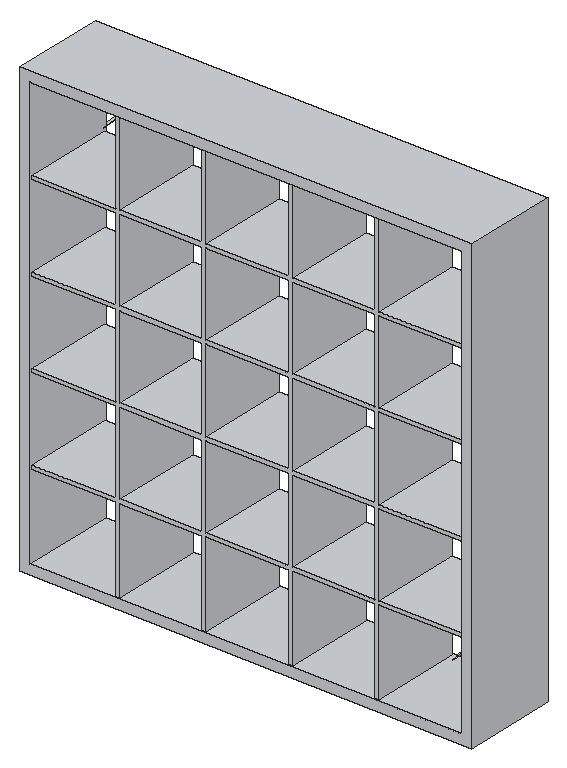
Revit family
Parameters (values of type "1850 x 1850 x 390mm")
  URL = ""
  Type Comments = ""
  Model = ""
  Material = none
  Manufacturer = "Revit"
  Description = "Bookshelves"
  Cost = 0
  Assembly Code = "E2020200"
Reference planes
  plane 1 "Center (Front/Back)": y = -70.108
  plane 2: z = 0
  plane 3 "Center (Left/Right)": x = 247.054
  plane 4 "back": y = 124.892
  plane 5 "front": y = -265.108
  plane 6: x = -677.946
  plane 7: x = 1172.054
  plane 8: z = 1850
  plane 9: x = -283.946
  plane 10: x = 70.054
  plane 11: x = 424.054
  plane 12: x = 778.054
  plane 13: z = 1456
  plane 14: z = 1102
  plane 15: z = 748
  plane 16: z = 394
  plane 17: y = 116.892
  plane 18: y = -257.108
  plane 19: z = 925
Forms (mm)
  Extrusion 1, solid, material <- "Material"
    sketch origin (0, -265.108, 0) x (1, 0, 0) y (0, 0, 1)
      loop
        line (-677.946, 1850) -> (-677.946, 0) -> (1172.054, 0) -> (1172.054, 1850) -> (-677.946, 1850)
      loop
        line (-637.946, 1810) -> (-637.946, 40) -> (1132.054, 40) -> (1132.054, 1810) -> (-637.946, 1810)
    from -390 to 0
  Extrusion 2, solid, material <- "Material"
    sketch origin (0, -265.108, 0) x (1, 0, 0) y (0, 0, 1)
      loop
        line (-291.446, 1810) -> (-291.446, 1463.5) -> (-637.946, 1463.5) -> (-637.946, 1448.5) -> (-291.446, 1448.5) -> (-291.446, 1109.5) -> (-637.946, 1109.5) -> (-637.946, 1094.5) -> (-291.446, 1094.5) -> (-291.446, 755.5) -> (-637.946, 755.5) -> (-637.946, 740.5) -> (-291.446, 740.5) -> (-291.446, 401.5) -> (-637.946, 401.5) -> (-637.946, 386.5) -> (-291.446, 386.5) -> (-291.446, 40) -> (-276.446, 40) -> (-276.446, 386.5) -> (62.554, 386.5) -> (62.554, 40) -> (77.554, 40) -> (77.554, 386.5) -> (416.554, 386.5) -> (416.554, 40) -> (431.554, 40) -> (431.554, 386.5) -> (770.554, 386.5) -> (770.554, 40) -> (785.554, 40) -> (785.554, 386.5) -> (1132.054, 386.5) -> (1132.054, 401.5) -> (785.554, 401.5) -> (785.554, 740.5) -> (1132.054, 740.5) -> (1132.054, 755.5) -> (785.554, 755.5) -> (785.554, 1094.5) -> (1132.054, 1094.5) -> (1132.054, 1109.5) -> (785.554, 1109.5) -> (785.554, 1448.5) -> (1132.054, 1448.5) -> (1132.054, 1463.5) -> (785.554, 1463.5) -> (785.554, 1810) -> (770.554, 1810) -> (770.554, 1463.5) -> (431.554, 1463.5) -> (431.554, 1810) -> (416.554, 1810) -> (416.554, 1463.5) -> (77.554, 1463.5) -> (77.554, 1810) -> (62.554, 1810) -> (62.554, 1463.5) -> (-276.446, 1463.5) -> (-276.446, 1810) -> (-291.446, 1810)
      loop
        line (-276.446, 1448.5) -> (-276.446, 1109.5) -> (62.554, 1109.5) -> (62.554, 1448.5) -> (-276.446, 1448.5)
      loop
        line (77.554, 1448.5) -> (77.554, 1109.5) -> (416.554, 1109.5) -> (416.554, 1448.5) -> (77.554, 1448.5)
      loop
        line (431.554, 1448.5) -> (431.554, 1109.5) -> (770.554, 1109.5) -> (770.554, 1448.5) -> (431.554, 1448.5)
      loop
        line (770.554, 1094.5) -> (431.554, 1094.5) -> (431.554, 755.5) -> (770.554, 755.5) -> (770.554, 1094.5)
      loop
        line (416.554, 1094.5) -> (77.554, 1094.5) -> (77.554, 755.5) -> (416.554, 755.5) -> (416.554, 1094.5)
      loop
        line (62.554, 1094.5) -> (-276.446, 1094.5) -> (-276.446, 755.5) -> (62.554, 755.5) -> (62.554, 1094.5)
      loop
        line (-276.446, 740.5) -> (-276.446, 401.5) -> (62.554, 401.5) -> (62.554, 740.5) -> (-276.446, 740.5)
      loop
        line (77.554, 740.5) -> (77.554, 401.5) -> (416.554, 401.5) -> (416.554, 740.5) -> (77.554, 740.5)
      loop
        line (431.554, 740.5) -> (431.554, 401.5) -> (770.554, 401.5) -> (770.554, 740.5) -> (431.554, 740.5)
    from -382 to -8
  Extrusion 3, solid, material "Metal - Aluminium", detail levels medium+fine
    sketch origin (0, -70.108, 0) x (1, 0, 0) y (0, 0, 1)
      loop
        line (778.054, 1830) -> (1145.749, 1462.304) -> (1150.699, 1467.254) -> (783.003, 1834.95) -> (778.054, 1830)
    from -202.341 to -195
  Extrusion 4, solid, material "Metal - Aluminium", detail levels medium+fine
    sketch origin (494.107, -70.108, 0) x (-1, 0, 0) y (0, 0, -1)
      loop
        line (778.054, -1830) -> (783.003, -1834.95) -> (1150.699, -1467.254) -> (1145.749, -1462.304) -> (778.054, -1830)
    from -202.341 to -195
  Extrusion 5, solid, material "Metal - Aluminium", detail levels medium+fine
    sketch origin (0, -70.108, 1850) x (1, 0, 0) y (0, 0, 1)
      loop
        line (778.054, -1830) -> (783.003, -1834.95) -> (1150.699, -1467.254) -> (1145.749, -1462.304) -> (778.054, -1830)
    from -202.341 to -195
  Extrusion 6, solid, material "Metal - Aluminium", detail levels medium+fine
    sketch origin (494.107, -70.108, 1850) x (-1, 0, 0) y (0, 0, -1)
      loop
        line (778.054, 1830) -> (1145.749, 1462.304) -> (1150.699, 1467.254) -> (783.003, 1834.95) -> (778.054, 1830)
    from -202.341 to -195
Dimensions and locks
  equal spacing: plane 6, plane 3 "Center (Left/Right)", plane 7
  equal spacing: plane 5 "front", plane 1 "Center (Front/Back)", plane 4 "back"
  locked: plane 5 "front" to plane 4 "back" at 390
  locked: plane 6 to plane 7 at 1850
  locked: plane 8 to plane 2 at 1850
  equal spacing: Extrusion 1, plane 9, plane 10, plane 11, plane 12, Extrusion 1
  equal spacing: Extrusion 1, plane 13, plane 14, plane 15, plane 16, Extrusion 1
  equal spacing: plane 2, plane 19, plane 8
  aligned and locked: plane 6 to Extrusion 1 sketch curve
  aligned and locked: plane 8 to Extrusion 1 sketch curve
  aligned and locked: level to Extrusion 1 sketch curve
  aligned and locked: plane 7 to Extrusion 1 sketch curve
  aligned and locked: Extrusion 1 to plane 4 "back"
  aligned and locked: plane 5 "front" to Extrusion 1
  aligned and locked: Extrusion 2 to plane 17
  aligned and locked: plane 18 to Extrusion 2
